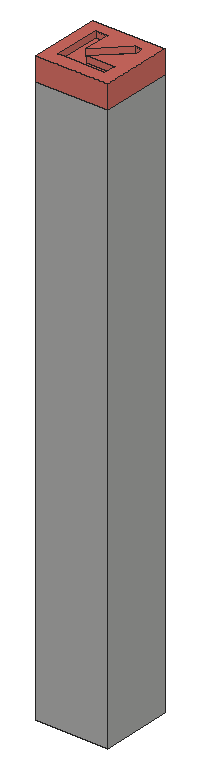
Revit family "外構_境界標", category 外構, Revit 2019
Family settings
  丸型コネクタ寸法 = 直径を使用
  パーツ タイプ = 標準
  常に垂直 = はい
  ロード時にボイドで切り取り = いいえ
  共有 = いいえ
Parameters (values of type "60x60x500")
  直径 = 90 mm
  マテリアル_境界標頂部 = ペイント-赤
  マテリアル_境界標 = コンクリート - プレキャスト
  Y = 60 mm
  X = Y  # 60 mm
  D2 = 450 mm
  D1 = 50 mm
Reference planes
  plane 1 "中心(正面/背面)": y = 0
  plane 2: z = 0
  plane 3 "中心(左/右)": x = 0
  plane 4: x = 60
  plane 5: y = 60
  plane 6: y = 10
  plane 7: x = 10
  plane 8: y = 50
  plane 9: x = 50
  plane 10: x = 20
  plane 11: y = 20
  plane 12 "上面": z = 50
  plane 13 "下面": z = -450
  plane 14: z = 30
Forms (mm)
  Extrusion 1, solid, material "ペイント-赤" <- "マテリアル_境界標頂部"
    sketch origin (0, 0, 0) x (1, 0, 0) y (0, 1, 0)
      loop
        line (0, 60) -> (0, 0) -> (60, 0) -> (60, 60) -> (0, 60)
    from 30 to 50
  Extrusion 2, void
    sketch origin (0, 0, 50) x (-1, 0, 0) y (0, -1, 0)
      loop
        line (-10, -50) -> (-10, -10) -> (-50, -10) -> (-50, -20) -> (-27.071, -20) -> (-50, -42.929) -> (-50, -50) -> (-42.929, -50) -> (-20, -27.071) -> (-20, -50) -> (-10, -50)
    from 0 to -5
  Extrusion 3, solid, material "コンクリート - プレキャスト" <- "マテリアル_境界標"
    sketch origin (0, 0, 50) x (-1, 0, 0) y (0, -1, 0)
      loop
        line (0, -60) -> (0, 0) -> (-60, 0) -> (-60, -60) -> (0, -60)
    from -20 to -500
Cuts and joins
  Extrusion 2 cuts Extrusion 1
Lines and regions (mm)
  reference lines
    curve 1: line (20, 20, 0) -> (50, 50, 0)
  model lines, style "InvisibleLines"
    curve 2: line (0, 0, 0) -> (0, 0, 4000)
  symbolic lines, style "境界標"
    curve 3: circle (0, 0, 50) r 45 normal (0, 0, 1)
  symbolic lines, style "InvisibleLines"
    curve 4: line (0, 60, 50) -> (60, 60, 50)
    curve 5: line (0, 0, 50) -> (0, 60, 50)
    curve 6: line (60, 0, 50) -> (0, 0, 50)
    curve 7: line (60, 60, 50) -> (60, 0, 50)
Text (mm)
  text "タイプセレクタのサムネイル、\nファイルのサムネイルは\nこの方向からのアクソメです↘" at (-726.317, 886.796, 0), in view "下参照レベル"
Dimensions and locks
  "Y": plane 1 "中心(正面/背面)" to plane 5
  "X": plane 3 "中心(左/右)" to plane 4
  locked: plane 3 "中心(左/右)" to plane 7 at 10
  locked: plane 1 "中心(正面/背面)" to plane 6 at 10
  locked: plane 5 to plane 8 at 10
  locked: plane 9 to plane 4 at 10
  locked: plane 7 to plane 10 at 10
  locked: plane 6 to plane 11 at 10
  "D1": plane 12 "上面" to level
  "D2": level to plane 13 "下面"
  locked: plane 12 "上面" to plane 14 at 20
  "直径": diameter of curve 3
  aligned and locked: level to plane 2
  aligned and locked: plane 9 to curve 1
  aligned and locked: plane 11 to curve 1
  aligned and locked: Extrusion 1 sketch curve to plane 5
  aligned and locked: plane 3 "中心(左/右)" to Extrusion 1 sketch curve
  aligned and locked: Extrusion 1 sketch curve to plane 1 "中心(正面/背面)"
  aligned and locked: Extrusion 1 sketch curve to plane 4
  aligned and locked: plane 12 "上面" to Extrusion 1
  aligned and locked: Extrusion 2 sketch curve to plane 7
  aligned and locked: Extrusion 2 sketch curve to plane 6
  aligned and locked: Extrusion 2 sketch curve to plane 11
  aligned and locked: Extrusion 2 sketch curve to plane 10
  aligned and locked: Extrusion 2 sketch curve to plane 8  (x2)
  aligned and locked: Extrusion 2 sketch curve to plane 9  (x2)
  aligned and locked: level to curve 2  (x2)
  aligned and locked: plane 3 "中心(左/右)" to curve 2
  aligned and locked: plane 3 "中心(左/右)" to curve 3
  aligned and locked: plane 1 "中心(正面/背面)" to curve 3
  aligned and locked: Extrusion 1 to plane 14
  aligned and locked: Extrusion 3 sketch curve to plane 5
  aligned and locked: Extrusion 3 sketch curve to plane 4
  aligned and locked: Extrusion 3 sketch curve to plane 1 "中心(正面/背面)"
  aligned and locked: plane 3 "中心(左/右)" to Extrusion 3 sketch curve
  aligned and locked: plane 14 to Extrusion 3
  aligned and locked: Extrusion 3 to plane 13 "下面"
  aligned and locked: plane 3 "中心(左/右)" to curve 5
  aligned and locked: curve 6 to plane 1 "中心(正面/背面)"
  aligned and locked: curve 7 to plane 4
  aligned and locked: curve 4 to plane 5
Automatic sketch dimensions
  curve 1 to plane 10 = 0 mm
  curve 1 to plane 8 = 0 mm
  Extrusion 2 sketch curve to plane 9 = 7.071 mm
  plane 10 to Extrusion 2 sketch curve = 7.071 mm
  Extrusion 2 sketch curve to plane 8 = 7.071 mm
  Extrusion 2 sketch curve to plane 11 = 7.071 mm
